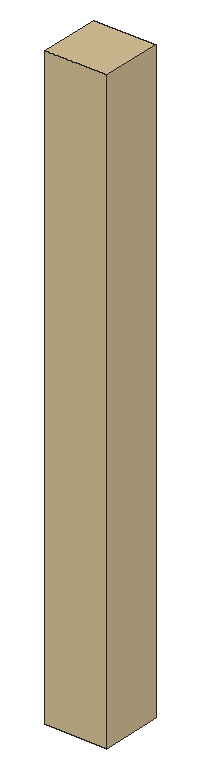
Revit family "Column_Timber", category Structural Columns, Revit 2026
Family settings
  Section Shape = Not Defined
  Material for Model Behavior = Wood
  Always export as geometry = No
  Beam cutback in plan = From bounding box
  Classification Number = 23.25.30.11.14.11
  Cut with Voids When Loaded = No
  Symbolic Representation = From Family
  Shared = No
  Show family pre-cut in plan views = Yes
Parameters (values of type "240x240")
  Structural Material [instance] = Concrete, Cast-in-Place - C35
  Height [instance] = 2450 mm
  Depth = 250 mm
  Width = 250 mm
Types (16, lengths in mm): name | Height | Depth | Width
  200x200 | 4000 | 200 | 200
  360x200 | 3500 | 200 | 360
  200x1090 | 4000 | 200 | 1090
  200x760 | 3500 | 200 | 760
  200x380 | 3500 | 200 | 380
  200x300 | 4000 | 200 | 300
  200x580 | 4000 | 200 | 580
  200x640 | 4000 | 200 | 640
  250x250 | 4000 | 250 | 250
  330x360 | 4000 | 360 | 330
  200x360 | 4000 | 360 | 200
  200x240 | 5160 | 240 | 200
  240x240 | 2450 | 250 | 250
  200x200 L=3350 | 3350 | 200 | 200
  200x240 L=3500 | 3500 | 240 | 200
  200x240 L=1140 | 1140 | 240 | 200
Reference planes
  plane 1 "Center (Front/Back)": y = 0
  plane 2: z = 0
  plane 3 "Center (Left/Right)": x = 0
  plane 4 "Left": x = -250
  plane 5 "Right": x = 250
  plane 6 "Back": y = 250
  plane 7 "Front": y = -250
Forms (mm)
  Extrusion 1, solid, material "Glulam"
    sketch origin (0, 0, 0) x (1, 0, 0) y (0, 1, 0)
      loop
        line (-150, 150) -> (-150, -100) -> (100, -100) -> (100, 150) -> (-150, 150)
    from 0 to 2450
Dimensions and locks
  equal spacing: plane 4 "Left", plane 3 "Center (Left/Right)", plane 5 "Right"
  equal spacing: plane 7 "Front", plane 1 "Center (Front/Back)", plane 6 "Back"
  "Width": Extrusion 1 to Extrusion 1
  "Depth": Extrusion 1 to Extrusion 1
  "Height": Extrusion 1 to Extrusion 1
  aligned and locked: level to plane 2
Automatic sketch dimensions
  Extrusion 1 sketch curve to plane 3 "Center (Left/Right)" = 150 mm
  plane 3 "Center (Left/Right)" to Extrusion 1 sketch curve = 100 mm
  plane 1 "Center (Front/Back)" to Extrusion 1 sketch curve = 100 mm
  Extrusion 1 sketch curve to plane 1 "Center (Front/Back)" = 150 mm
